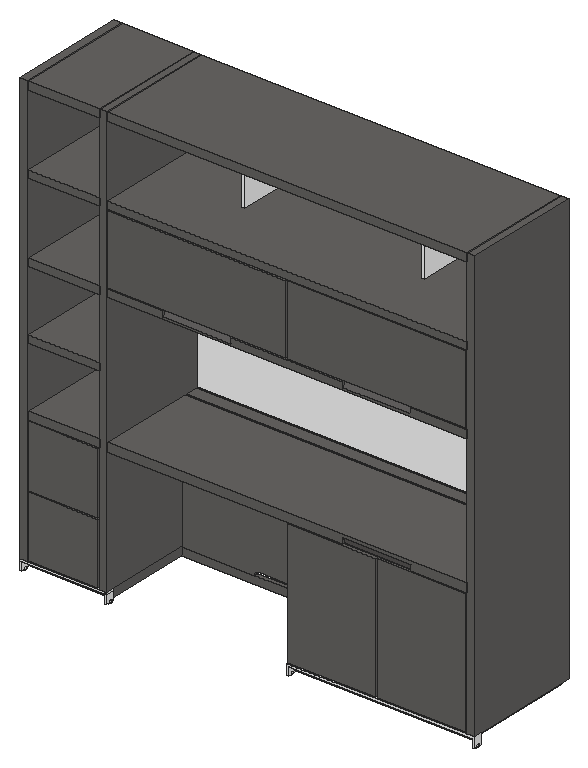
Revit family "Storage-Wall-Teknion-ZXLR_90_High_With_Lights-R2011", category Furniture Systems, Revit 2013
Parameters (values of type "(See Type Catalog)")
  Working Wall Finish [instance] = Glass - Teknion - K6 - White Backpainted
  Width = 92.642"
  Warranty = "http://www.teknionstudio.com/pdfs/Teknion%20Studio%20Warranty.pdf"
  Wall Unit Finish [instance] = Veneer - Teknion - P7 - Grey Oak
  Voltage = 120 V
  Unit Weight = 755.00 lbf
  URL = "www.teknionstudio.com"
  Tabletop Cutout Offset = if(Has Double Doors, 0", 4")  # 0"
  Storage Tower = Storage-Unit-Teknion-Tower : Upper Shelves & File/File Pedestal
  Series = "B&B Italia"
  Product Page URL = "http://www.teknionstudio.com/acexecutive/"
  Product Line = "AC Executive"
  Product Documentation Link = "http://www.teknionstudio.com/pricing/ac_executive_storage_walls_ppg.pdf"
  Power Factor = 1
  Part Number = "ZXLR"
  Number of Poles = 1
  Model = ""
  Manufacturer Phone = "919-464-2920"
  Manufacturer Fax = "919-464-2927"
  Manufacturer Email = "customersupport@teknionstudio.com"
  Manufacturer Address = "3940 US 70 Business HWY West, Clayton, NC 27520"
  Manufacturer = "Teknion Studio"  # constant formula
  Low Emitting Material = yes
  Low Emitting Finish = yes
  Height = 89 123/128"
  Has File File Drawers = not(Has Double Doors)  # no
  Has Double Doors = yes
  Description = ""
  Depth = 24"
  Assembly Code = "E2020200"
  Apparent Load = 22.8 VA
Reference planes (in)
  plane 1 "Center F/B": y = 0
  plane 2: z = 0
  plane 3 "Back": y = 12
  plane 4 "Front": y = -12
  plane 5 "Cabinets Top": z = 73.80469
  plane 6: x = 28.60446
  plane 7: z = 29.68402
  plane 8: z = 56.1289
  plane 9: x = -44.7815
  plane 10: z = 2.1289
  plane 11: x = -8.08858
  plane 12 "Foot Centerline": y = -11.2126
  plane 13 "Tabletop Cutout": y = -12
  plane 14 "Foot Centerline Front": y = -10.22835
  plane 15 "Foot Centerline Back": y = 10.22835
  plane 16: y = -8.484
  plane 17 "Left": x = -62.49817
  plane 18 "Right": x = 30.14383
  plane 19 "Center L/R": x = -16.17717
  plane 20 "Top": z = 89.96094
Forms (in)
  Sweep 1, solid, material "Veneer - Teknion - P7 - Grey Oak" <- "Wall Unit Finish"
    path origin (0, 0, 15.40683) x (-1, 0, 0) y (0, -1, 0)
      loop
        line (0, -12) -> (0, 12)
    profile origin (0, 0, 15.40683) x (1, 0, 0) y (0, 0, 1)
      loop
        line (30.14383, -13.27793) -> (30.14383, 74.55411) -> (28.60446, 74.55411) -> (28.60446, -13.27793) -> (30.14383, -13.27793)
  Sweep 2, solid, material "Metal - Teknion - C6 - Chrome"
    path origin (0, 0, 0) x (1, 0, 0) y (0, 0, 1)
      loop
        line (-8.08858, 0.05803) -> (-8.08858, 2.1289) -> (30.14383, 2.1289) -> (30.14383, 0.05803)
    profile origin (11.02763, 0, 2.1289) x (0, 0, 1) y (0, -1, 0)
      loop
        line (0, 12) -> (-0.394, 12) -> (-0.394, 10.4252) -> (0, 10.4252) -> (0, 12)
  Sweep 3, solid, material "Metal - Teknion - C6 - Chrome"
    path origin (0, 0, 0) x (1, 0, 0) y (0, 0, 1)
      loop
        line (-8.08858, 2.1289) -> (30.14383, 2.1289)
    profile origin (11.02763, 0, 2.1289) x (0, 0, 1) y (0, -1, 0)
      loop
        line (-0.394, 10.6222) -> (-1.5748, 10.6222) -> (-1.5748, 10.4252) -> (-0.394, 10.4252) -> (-0.394, 10.6222)
  Revolve 4, solid, material "Metal - Teknion - C6 - Chrome"
    sketch origin (0.39385, -11.2126, 0) x (0, 0, -1) y (1, 0, 0)
      loop
        line (-0.4911, -8.28543) -> (-0.4911, -8.62008) -> (-0.45173, -8.65945) -> (-0.28492, -8.65945) -> (-0.24555, -8.62008) -> (-0.20618, -8.65945) -> (-0.03937, -8.65945) -> (0, -8.62008) -> (0, -8.28543) -> (-0.4911, -8.28543)
      axis (0, -8.28543) -> (-0.4911, -8.28543)
    angle from 0 to 360
  Sweep 5, solid, material "Veneer - Teknion - P7 - Grey Oak" <- "Wall Unit Finish"
    path origin (0, 0, 0) x (1, 0, 0) y (0, 0, 1)
      loop
        line (-44.7815, 29.68402) -> (28.60446, 29.68402)
    profile origin (-8.08852, 0, 29.68402) x (0, 0, 1) y (0, -1, 0)
      loop
        line (0, 12) -> (-1.7638, 12) -> (-1.7638, -7.11393) -> (-5.30827, -7.11393) -> (-5.30827, -7.08268) -> (-27.55512, -7.08268) -> (-27.55512, -7.11393) -> (-29.0945, -7.11393) -> (-29.0945, -7.80668) -> (-5.30828, -7.80668) -> (-5.30828, -12) -> (44.12067, -12) -> (44.12067, 12) -> (42.58097, 12) -> (42.58097, 11.2126) -> (27.98392, 11.2126) -> (27.98392, 12) -> (26.44488, 12) -> (26.44488, -10.94094) -> (0, -10.94094) -> (0, -10.90969) -> (-0.72441, -10.90969) -> (-0.72441, -10.56693) -> (0, -10.56693) -> (0, -8.05709) -> (-0.72441, -8.05709) -> (-0.72441, -7.80709) -> (0, -7.80709) -> (0, 12)
      loop
        line (60.27692, -12) -> (60.27692, 12) -> (58.73755, 12) -> (58.73755, -12) -> (60.27692, -12)
  Sweep 6, solid, material "Veneer - Teknion - P7 - Grey Oak" <- "Wall Unit Finish"
    path origin (0, 0, 0) x (1, 0, 0) y (0, 0, 1)
      loop
        line (-8.08858, 29.68402) -> (28.60446, 29.68402)
    profile origin (10.25794, 0, 29.68402) x (0, 0, 1) y (0, -1, 0)
      loop
        line (-1.7638, 11.27559) -> (-27.55512, 11.27559) -> (-27.55512, 10.4252) -> (-29.0945, 10.4252) -> (-29.0945, -12) -> (-1.7638, -12) -> (-1.7638, 11.27559)
  Sweep 7, solid, material "Veneer - Teknion - P7 - Grey Oak" <- "Wall Unit Finish"
    path origin (0, 0, 15.40683) x (-1, 0, 0) y (0, -1, 0)
      loop
        line (16.17717, 12) -> (16.17717, 11.276)
    profile origin (-16.17717, -11.638, 15.40683) x (-1, 0, 0) y (0, 0, 1)
      loop
        line (28.35433, 42.50186) -> (28.35433, 56.60815) -> (-7.96358, 56.60815) -> (-7.96358, 42.50186) -> (28.35433, 42.50186)
      loop
        line (-8.21358, 56.60815) -> (-44.53163, 56.60815) -> (-44.53163, 42.50186) -> (-8.21358, 42.50186) -> (-8.21358, 56.60815)
  Sweep 8, solid, material "Veneer - Teknion - P7 - Grey Oak" <- "Wall Unit Finish", visible <- "Has Double Doors"
    path origin (0, 0, 15.40683) x (-1, 0, 0) y (0, -1, 0)
      loop
        line (16.17717, 12) -> (16.17717, 11.276)
    profile origin (-16.17717, -11.638, 15.40683) x (-1, 0, 0) y (0, 0, 1)
      loop
        line (-44.5315, 12.26339) -> (-44.5315, -13.03482) -> (-26.54031, -13.03482) -> (-26.54031, 12.26339) -> (-44.5315, 12.26339)
      loop
        line (-26.29031, 12.26339) -> (-26.29031, -13.03482) -> (-8.33858, -13.03482) -> (-8.33858, 12.26339) -> (-26.29031, 12.26339)
  Sweep 9, solid, material "Veneer - Teknion - P7 - Grey Oak" <- "Wall Unit Finish", visible <- "Has File File Drawers"
    path origin (0, 0, 15.40683) x (-1, 0, 0) y (0, -1, 0)
      loop
        line (16.17717, 12) -> (16.17717, 11.276)
    profile origin (-16.17717, -11.638, 15.40683) x (-1, 0, 0) y (0, 0, 1)
      loop
        line (-44.5315, 12.26339) -> (-44.5315, 0.01144) -> (-8.33858, 0.01144) -> (-8.33858, 12.26339) -> (-44.5315, 12.26339)
      loop
        line (-8.33858, -0.77597) -> (-44.5315, -0.77597) -> (-44.5315, -13.03482) -> (-8.33858, -13.03482) -> (-8.33858, -0.77597)
  Sweep 10, void
    path origin (0, 0, 0) x (1, 0, 0) y (0, 0, 1)
      loop
        line (3.34838, 29.68402) -> (17.12791, 29.68402)
    profile origin (10.23815, 0, 29.68402) x (0, 0, 1) y (0, -1, 0)
      loop
        line (-1.7638, 12) -> (-1.7638, 11.52756) -> (-0.66143, 12) -> (-1.7638, 12)
  Sweep 11, void
    path origin (0, 0, 0) x (1, 0, 0) y (0, 0, 1)
      loop
        line (-33.3248, 56.1289) -> (-19.54528, 56.1289)
    profile origin (-26.43504, 0, 56.1289) x (0, 0, 1) y (0, -1, 0)
      loop
        line (1.53937, 12) -> (0.43699, 12) -> (1.53937, 11.52755) -> (1.53937, 12)
  Sweep 12, void
    path origin (0, 0, 0) x (1, 0, 0) y (0, 0, 1)
      loop
        line (3.36811, 56.1289) -> (17.14764, 56.1289)
    profile origin (10.25787, 0, 56.1289) x (0, 0, 1) y (0, -1, 0)
      loop
        line (1.53937, 11.52755) -> (1.53937, 12) -> (0.43699, 12) -> (1.53937, 11.52755)
  Sweep 13, void
    path origin (0, 0, 15.40683) x (-1, 0, 0) y (0, -1, 0)
      loop
        line (0, -7.80668) -> (0, -7.08268)
    profile origin (0, 7.44468, 15.40683) x (1, 0, 0) y (0, 0, 1)
      loop
        line (-29.86024, 8.96892) -> (-29.86024, 8.10396)
        arc (-29.86024, 8.10396) -> (-29.62961, 7.54718) -> (-29.07283, 7.31655) r 0.7874
        line (-29.07283, 7.31655) -> (-23.75787, 7.31655)
        arc (-23.75787, 7.31655) -> (-23.2011, 7.54718) -> (-22.97047, 8.10396) r 0.7874
        line (-22.97047, 8.10396) -> (-22.97047, 8.96892) -> (-29.86024, 8.96892)
      loop
        line (-22.97047, -13.27793) -> (-22.97047, -13.12045)
        arc (-22.97047, -13.12045) -> (-23.18957, -12.59152) -> (-23.7185, -12.37242) r 0.74803
        line (-23.7185, -12.37242) -> (-29.1122, -12.37242)
        arc (-29.1122, -12.37242) -> (-29.64114, -12.59152) -> (-29.86024, -13.12045) r 0.74803
        line (-29.86024, -13.12045) -> (-29.86024, -13.27793) -> (-22.97047, -13.27793)
  Revolve 14, solid, material "Metal - Teknion - C6 - Chrome"
    sketch origin (38.23227, -11.2126, 0) x (0, 0, -1) y (1, 0, 0)
      loop
        line (-0.4911, -8.28543) -> (-0.4911, -8.62008) -> (-0.45173, -8.65945) -> (-0.28492, -8.65945) -> (-0.24555, -8.62008) -> (-0.20618, -8.65945) -> (-0.03937, -8.65945) -> (0, -8.62008) -> (0, -8.28543) -> (-0.4911, -8.28543)
      axis (0, -8.28543) -> (-0.4911, -8.28543)
    angle from 0 to 360
  Sweep 15, solid, material "Acrylic - Teknion - Clear"
    path origin (0.48659, 0, 36.8108) x (-1, 0, 0) y (0, -1, 0)
      loop
        line (16.66376, -11.25197) -> (16.66376, 0.16535)
    profile origin (-16.17717, 5.54331, 36.8108) x (1, 0, 0) y (0, 0, 1)
      loop
        line (-10.56841, 51.60058) -> (-10.56841, 36.99388) -> (-9.97392, 36.99388) -> (-9.97392, 51.60058) -> (-10.56841, 51.60058)
      loop
        line (26.15108, 51.60058) -> (26.15108, 36.99388) -> (26.74557, 36.99388) -> (26.74557, 51.60058) -> (26.15108, 51.60058)
Cuts and joins
  joined: Sweep 2, Sweep 3, Revolve 4
  Sweep 10, Sweep 11, Sweep 12, Sweep 13 cuts Sweep 5
Lines and regions (in)
  Masking region 1
    outline origin (0, 0, 15.40683) x (-1, 0, 0) y (0, -1, 0)
      loop
        line (44.7815, -12) -> (44.7815, 12) -> (-30.14383, 12) -> (-30.14383, -12) -> (44.7815, -12)
  symbolic lines, style "Elevation Swing"
    curve 1: line (-44.7815, -12, 57.66827) -> (-26.43504, -12, 72.01499)
    curve 2: line (-8.08858, -12, 57.66832) -> (-26.43504, -12, 72.01499)
    curve 3: line (-8.08858, 0, 57.66832) -> (10.25794, 0, 72.18658)
    curve 4: line (10.25794, 0, 72.18658) -> (28.60446, 0, 57.66827)
  symbolic lines, style "Elevation Swing", visible <- "Has Double Doors"
    curve 5: line (10.11315, 0, 27.67022) -> (-7.83858, 0, 15.02111)
    curve 6: line (-7.83858, 0, 15.02111) -> (10.11315, 0, 2.37201)
    curve 7: line (10.36315, 0, 2.37201) -> (28.35433, 0, 15.02456)
    curve 8: line (28.35433, 0, 15.02456) -> (10.36315, 0, 27.67022)
  symbolic lines, detail levels medium+fine
    curve 9: line (-8.08858, 12, 15.40683) -> (-8.08858, -12, 15.40683)
  symbolic lines, style "FurnitureSystemsHiddenLines", detail levels fine
    curve 10: line (28.60433, -11.276, 15.40683) -> (-8.08858, -11.276, 15.40683)
    curve 15: line (28.60433, 12, 15.40683) -> (28.60433, -12, 15.40683)
  symbolic lines, visible <- "Has Double Doors"
    curve 11: arc (10.25794, -12, 15.40683) -> (15.63147, -24.97286, 15.40683) -> (28.60433, -30.34639, 15.40683) r 18.34639
    curve 12: line (-8.08858, -12, 15.40683) -> (-8.08858, -30.34652, 15.40683)
    curve 13: line (28.60433, -12, 15.40683) -> (28.60433, -30.34639, 15.40683)
    curve 14: arc (-8.08858, -30.34652, 15.40683) -> (4.88437, -24.97295, 15.40683) -> (10.25794, -12, 15.40683) r 18.34652
Dimensions and locks (in)
  plane 17 "Left" to plane 18 "Right" = 92.642"
  equal spacing: plane 3 "Back", plane 1 "Center F/B", plane 4 "Front"
  "Depth": plane 3 "Back" to plane 4 "Front"
  "Height": plane 20 "Top" to plane 2
  locked: plane 7 to plane 2 at 29.68402
  locked: plane 8 to plane 7 at 26.44488
  locked: plane 10 to plane 2 at 2.1289
  locked: Sweep 2 sketch curve to plane 2 at 0.05803  (x2)
  locked: plane 10 to Sweep 3 sketch curve at 0.394
  locked: Sweep 3 sketch curve to Sweep 3 sketch curve at 1.1808
  plane 4 "Front" to Sweep 3 sketch curve to Sweep 3 sketch curve = 1.3778" locked, 0.197" locked
  locked: Revolve 4 sketch curve to plane 2 at 0.4911
  plane 11 to Revolve 4 sketch curve = 0.17702"  (x2)
  Revolve 4 sketch curve to Revolve 4 sketch curve to Revolve 4 sketch curve to Revolve 4 sketch curve to Revolve 4 sketch curve to plane 2 = 0.16681" locked, 0.03937" locked, 0.03937" locked, 0.16681" locked, 0.03937" locked
  Revolve 4 sketch curve to plane 11 = 0.197"
  locked: plane 4 "Front" to plane 12 "Foot Centerline" at 0.7874
  locked: plane 10 to Sweep 5 sketch curve at 1.53939
  locked: plane 7 to Sweep 5 sketch curve at 1.7638
  Sweep 6 sketch curve to Sweep 6 sketch curve to plane 3 "Back" = 23.27559", 0"
  locked: plane 7 to Sweep 6 sketch curve at 1.7638
  locked: plane 4 "Front" to Sweep 6 sketch curve at 1.5748
  locked: plane 4 "Front" to Sweep 7 sketch curve at 0.724
  plane 5 "Cabinets Top" to Sweep 7 sketch curve to Sweep 7 sketch curve = 1.7897" locked, 14.1063" locked  (x2)
  Sweep 7 sketch curve to Sweep 7 sketch curve to Sweep 7 sketch curve to Sweep 7 sketch curve = 36.31805", 1/4", 36.31791"
  locked: plane 4 "Front" to Sweep 8 sketch curve at 0.724
  locked: plane 4 "Front" to Sweep 9 sketch curve at 0.724
  locked: Sweep 10 sketch curve to Sweep 10 sketch curve at 13.77953
  locked: plane 7 to Sweep 10 sketch curve at 1.7638
  locked: plane 13 "Tabletop Cutout" to Sweep 10 sketch curve at 0.47244
  "Tabletop Cutout Offset": plane 13 "Tabletop Cutout" to plane 4 "Front"
  locked: Sweep 11 sketch curve to Sweep 11 sketch curve at 13.77953
  locked: Sweep 11 sketch curve to plane 8 at 1.53937
  locked: Sweep 11 sketch curve to plane 8 at 0.43699
  locked: plane 4 "Front" to Sweep 11 sketch curve at 0.47245
  Sweep 12 sketch curve to Sweep 12 sketch curve to plane 8 = 1.10238" locked, 0.43699" locked
  locked: plane 4 "Front" to Sweep 12 sketch curve at 0.47245
  plane 3 "Back" to Sweep 13 sketch curve to Sweep 13 sketch curve = 4.19332" locked, 0.724" locked
  equal spacing: plane 11, curve 2, plane 9
  equal spacing: plane 6, curve 4, plane 11
  locked: plane 4 "Front" to curve 10 at 0.724
  locked: plane 3 "Back" to plane 15 "Foot Centerline Back" at 1.77165
  locked: plane 4 "Front" to plane 14 "Foot Centerline Front" at 1.77165
  locked: plane 4 "Front" to plane 16 at 3.516
  locked: plane 17 "Left" to plane 9 at 17.71667
  locked: Sweep 8 sketch curve to Sweep 8 sketch curve at 25.29821  (x2)
  Sweep 8 sketch curve to Sweep 8 sketch curve to Sweep 8 sketch curve to Sweep 8 sketch curve = 17.95173" locked, 1/4" locked, 17.99118" locked
  Sweep 9 sketch curve to Sweep 9 sketch curve to Sweep 9 sketch curve to Sweep 9 sketch curve = 12.25195" locked, 0.7874" locked, 12.25886" locked
  locked: Sweep 9 sketch curve to Sweep 9 sketch curve at 36.19291  (x2)
  equal spacing: curve 12, curve 14, plane 6
  locked: Sweep 13 sketch curve to Sweep 13 sketch curve at 6.88976  (x2)
  locked: Sweep 13 sketch curve to Sweep 13 sketch curve at 1.65236
  locked: Sweep 1 sketch curve to plane 6 at 1.53937
  locked: plane 6 to Sweep 2 sketch curve at 1.53937
  locked: Sweep 3 sketch curve to plane 6 at 1.53937
  Revolve 14 sketch curve to Revolve 14 sketch curve to Revolve 14 sketch curve to Revolve 14 sketch curve to Revolve 14 sketch curve = 0.16681" locked, 0.03937" locked, 0.03937" locked, 0.16681" locked
  locked: plane 6 to Sweep 10 sketch curve at 11.47655
  locked: plane 11 to Sweep 11 sketch curve at 11.45669
  Sweep 12 sketch curve to Sweep 12 sketch curve to plane 11 = 13.77953" locked, 11.45669" locked
  locked: Sweep 13 sketch curve to plane 11 at 14.88189
  locked: plane 11 to Sweep 13 sketch curve at 14.88189
  locked: plane 11 to Sweep 9 sketch curve at 0.25
  locked: Sweep 9 sketch curve to plane 11 at 0.25
  locked: plane 7 to Sweep 9 sketch curve at 2.0138
  locked: Sweep 8 sketch curve to plane 11 at 0.25
  locked: plane 7 to Sweep 8 sketch curve at 2.0138  (x2)
  locked: plane 6 to plane 18 "Right" at 1.53937
  equal spacing: plane 17 "Left", plane 19 "Center L/R", plane 18 "Right"
  locked: plane 19 "Center L/R" to plane 11 at 8.08858
  locked: Sweep 7 sketch curve to plane 6 at 0.25
  locked: plane 18 "Right" to Revolve 14 sketch curve at 0.197
  locked: Revolve 4 sketch curve to plane 11 at 0.197
  plane 20 "Top" to plane 5 "Cabinets Top" = 16 5/32"
  locked: Sweep 15 sketch curve to Sweep 15 sketch curve at 11.41732
  locked: Sweep 15 sketch curve to Sweep 15 sketch curve at 0.59449  (x2)
  locked: plane 3 "Back" to Sweep 15 sketch curve at 0.74803
  locked: Sweep 15 sketch curve to plane 11 at 18.0625
  locked: Sweep 15 sketch curve to plane 5 "Cabinets Top" at 14.60669  (x2)
  locked: plane 20 "Top" to Sweep 5 sketch curve at 1.53937
  locked: plane 5 "Cabinets Top" to Sweep 5 sketch curve at 1.5397
  locked: Sweep 5 sketch curve to plane 8 at 1.53904
  equal spacing: Sweep 15 sketch curve, plane 11, Sweep 15 sketch curve
  aligned and locked: level to plane 2
  aligned and locked: plane 3 "Back" to Sweep 1 sketch curve
  aligned and locked: plane 4 "Front" to Sweep 1 sketch curve
  aligned and locked: Sweep 2 sketch curve to plane 10  (x2)
  aligned and locked: Sweep 2 sketch curve to plane 4 "Front"
  aligned and locked: Sweep 3 sketch curve to plane 10
  aligned and locked: plane 2 to Revolve 4 sketch curve
  aligned and locked: Revolve 4 sketch curve to plane 2
  aligned and locked: plane 9 to Sweep 5 sketch curve
  aligned and locked: plane 6 to Sweep 5 sketch curve
  aligned and locked: Sweep 5 sketch curve to plane 7  (x4)
  aligned and locked: Sweep 5 sketch curve to plane 4 "Front"  (x2)
  aligned and locked: plane 3 "Back" to Sweep 5 sketch curve  (x2)
  aligned and locked: Sweep 6 sketch curve to plane 7
  aligned and locked: plane 10 to Sweep 6 sketch curve
  aligned and locked: plane 4 "Front" to Sweep 7 sketch curve
  aligned and locked: Sweep 5 sketch curve to plane 8
  aligned and locked: plane 4 "Front" to Sweep 8 sketch curve
  aligned and locked: plane 4 "Front" to Sweep 9 sketch curve
  aligned and locked: Sweep 10 sketch curve to plane 7
  aligned and locked: plane 13 "Tabletop Cutout" to Sweep 10 sketch curve
  aligned and locked: Sweep 11 sketch curve to plane 8
  aligned and locked: Sweep 12 sketch curve to plane 8
  aligned and locked: Sweep 12 sketch curve to plane 4 "Front"
  aligned and locked: plane 9 to curve 1
  aligned and locked: plane 11 to curve 2
  aligned and locked: Sweep 7 to curve 2
  aligned and locked: plane 6 to curve 4
  aligned and locked: Masking region 1 sketch curve to plane 3 "Back"
  aligned and locked: Masking region 1 sketch curve to plane 4 "Front"
  aligned and locked: plane 3 "Back" to curve 9
  aligned and locked: plane 4 "Front" to curve 9
  aligned and locked: plane 3 "Back" to curve 15
  aligned and locked: plane 4 "Front" to curve 15
  aligned and locked: plane 4 "Front" to Sweep 11 sketch curve
  aligned and locked: Sweep 5 sketch curve to plane 5 "Cabinets Top"
  aligned and locked: plane 12 "Foot Centerline" to Sweep 5 sketch curve
  aligned and locked: plane 4 "Front" to Sweep 5 sketch curve  (x2)
  aligned and locked: plane 4 "Front" to curve 14
  aligned: plane 8 to nested 1
  aligned: plane 11 to nested 1
  aligned and locked: nested 1 to plane 16
  aligned and locked: plane 8 to nested 1
  aligned and locked: plane 11 to nested 1
  aligned and locked: Sweep 2 sketch curve to plane 11
  aligned and locked: plane 11 to Sweep 3 sketch curve
  aligned and locked: Sweep 1 sketch curve to plane 6
  aligned and locked: Sweep 1 sketch curve to plane 10
  aligned and locked: plane 10 to Sweep 13 sketch curve
  aligned and locked: Masking region 1 sketch curve to plane 18 "Right"
  aligned and locked: plane 9 to Masking region 1 sketch curve
  aligned and locked: Sweep 8 sketch curve to plane 19 "Center L/R"
  aligned and locked: plane 1 "Center F/B" to Sweep 6 sketch curve
  aligned and locked: plane 11 to Sweep 6 sketch curve
  aligned and locked: plane 6 to Sweep 6 sketch curve
  aligned and locked: Sweep 9 sketch curve to plane 19 "Center L/R"
  aligned and locked: Sweep 7 sketch curve to plane 19 "Center L/R"
  aligned and locked: nested 2 to plane 2
  aligned and locked: Sweep 8 to curve 7
  aligned and locked: curve 6 to Sweep 8
  aligned and locked: curve 8 to Sweep 8
  aligned and locked: Sweep 8 to curve 5
  aligned and locked: Sweep 8 to Sweep 8
  aligned and locked: Sweep 8 to curve 6
  aligned and locked: curve 7 to Sweep 8
  aligned and locked: Sweep 8 to curve 8
  aligned and locked: Revolve 14 sketch curve to Revolve 14 sketch curve  (x2)
  aligned and locked: Revolve 14 sketch curve to plane 2
  aligned and locked: Revolve 4 sketch curve to Revolve 4 sketch curve
  aligned and locked: plane 9 to nested 2
  aligned and locked: nested 2 to plane 1 "Center F/B"
  aligned and locked: plane 19 "Center L/R" to Sweep 15 sketch curve
  aligned and locked: plane 5 "Cabinets Top" to Sweep 15 sketch curve  (x2)
  aligned and locked: Sweep 5 sketch curve to plane 20 "Top"
  aligned and locked: plane 20 "Top" to Sweep 1 sketch curve
Automatic sketch dimensions
  curve 9 to plane 11 = 0"
  curve 11 to plane 6 = 0.00013"
  curve 11 to curve 14 = 0"
  plane 8 to curve 2 = 1.53942"
  plane 8 to curve 1 = 1.53937"
  profile plane to Sweep 2 sketch curve = 0.394"
  Sweep 2 sketch curve to Sweep 2 sketch curve = 1.5748"
  Sweep 6 sketch curve to plane 11 = 0"
  Sweep 6 sketch curve to plane 6 = 0"
  Sweep 6 sketch curve to Sweep 6 sketch curve = 1.53939"
  profile plane to Sweep 10 sketch curve = 0.66143"
  profile plane to Sweep 13 sketch curve = 8.96892"
  Sweep 13 sketch curve to Sweep 13 sketch curve = 0.74803"  (x2)
  Sweep 13 sketch curve to Sweep 13 sketch curve = 0.7874"  (x2)
  Sweep 13 sketch curve to Sweep 13 sketch curve = 0.15748"
  plane 11 to Sweep 1 sketch curve = 8.08858"
  plane 11 to Sweep 13 sketch curve = 8.08858"
  curve 3 to plane 11 = 0"
  curve 8 to plane 6 = 0.25013"
  curve 8 to curve 5 = 0"
  plane 10 to curve 8 = 12.89566"
  plane 10 to curve 6 = 12.89222"
  plane 10 to curve 6 = 0.24311"
  plane 8 to curve 4 = 1.53937"
  plane 8 to curve 3 = 1.53942"
  curve 3 to plane 5 "Cabinets Top" = 1.61811"
  level to Revolve 14 sketch curve = 0.03937"
  Revolve 14 sketch curve to Revolve 14 sketch curve = 0.03937"  (x2)
  Revolve 14 sketch curve to Revolve 14 sketch curve = 0.7589"
  Revolve 14 sketch curve to level = 1"
  Revolve 14 sketch curve to plane 18 "Right" = 0.53165"
  Revolve 14 sketch curve to Revolve 14 sketch curve = 0"  (x2)
  Revolve 4 sketch curve to Revolve 4 sketch curve = 0.4777"
  Revolve 4 sketch curve to Revolve 4 sketch curve = 0.03937"  (x2)
  Sweep 5 sketch curve to Sweep 5 sketch curve = 1.53939"
  Sweep 5 sketch curve to Sweep 5 sketch curve = 3.54449"
  Sweep 5 sketch curve to Sweep 5 sketch curve = 0"
  profile plane to Sweep 5 sketch curve = 0.72441"  (x2)
  Sweep 5 sketch curve to plane 1 "Center F/B" = 10.94094"
  Sweep 5 sketch curve to Sweep 5 sketch curve = 1/32"  (x2)
  Sweep 5 sketch curve to Sweep 5 sketch curve = 0.34277"
  Sweep 5 sketch curve to Sweep 5 sketch curve = 2.50984"
  Sweep 5 sketch curve to Sweep 5 sketch curve = 1/4"
  Sweep 5 sketch curve to Sweep 5 sketch curve = 4.19332"
  Sweep 5 sketch curve to Sweep 5 sketch curve = 0.69316"
  Sweep 5 sketch curve to Sweep 5 sketch curve = 0.69275"
Nested families (in)
  nested 1: "Lighting-Teknion-Storage_Wall" at (-8.08858, 0.12401, 56.1289), type "Lighting-Teknion-Storage_Wall"
  nested 2: "Storage-Unit-Teknion-Tower" at (-53.63976, 0, 0) x (-1, 0, 0) z (0, 0, 1), type <- "Storage Tower", Height <- "Height", type "Upper Shelves & File/File Pedestal"
    with Height 89 123/128", Has Top Shelf yes, Bottom Drawer Height 13.047"
Connectors (in)
  electrical at (-8.08852, 12, 49.09021), driven by "Number of Poles", driven by "Voltage", driven by "Apparent Load", driven by "Power Factor"
    settings: on cut or joined group of Sweep 5, Sweep 10, Sweep 11, Sweep 12, Sweep 13, index 1, voltage 120 V, apparent load 0 VA, apparent load phase1 22.8 VA, apparent load phase2 0 VA, apparent load phase3 0 VA, power factor 1, load classification "Other", number of poles 1, system type 31, power factor state 1, is connector primary yes, connector utility no, sub classification motor no, connector description "Electrical Connector"
Definition of nested family "Lighting-Teknion-Storage_Wall"
  Parameters (values of type "Lighting-Teknion-Storage_Wall")
    Wattage = 4.03926 W
    built-in parameter 1150110 = 1 (stored number, unit not read)
    built-in parameter 1114217 = 1 (stored number, unit not read)
    built-in parameter 1150109 = 1 (stored number, unit not read)
    built-in parameter 1150134 = 1
    built-in parameter 1150113 = 1 (stored number, unit not read)
    Offset From Reference Level = 0"
    Lumens = 600 lm
    built-in parameter 1150115 = 1 (stored number, unit not read)
    built-in parameter 1150105 = 190.99 (stored number, unit not read)
    Light Source Symbol Size = 3"
    built-in parameter 1150137 = (empty or 0)
    built-in parameter 1150139 = (empty or 0)
    built-in parameter 1150112 = 1 (stored number, unit not read)
    built-in parameter 1150114 = 1 (stored number, unit not read)
    built-in parameter 1150132 = 2
    built-in parameter 1150102 = (empty or 0)
    built-in parameter 1150138 = (empty or 0)
    built-in parameter 1150107 = 6500 (stored number, unit not read)
    built-in parameter 1150106 = 1.9099 (stored number, unit not read)
    Emit from Line Length = 68"
    built-in parameter 1150104 = 13.8 (stored number, unit not read)
    Dimming Lamp Color Temperature Shift = 1
    Default Elevation = 48"
    Color Filter = 16776172
    built-in parameter 1114218 = 1 (stored number, unit not read)
    built-in parameter 1150133 = 10 (stored number, unit not read)
    Assembly Code = ""
  Reference planes (in)
    plane 1 "Light Source Axis (F/B)": y = -8.60801
    plane 2: z = 0
    plane 3 "Light Source Axis (L/R)": x = 0
    plane 4 "Light Source Elevation": z = 0
    plane 5: z = 0
    plane 6: x = -36.6875
    plane 7: x = 36.6875
  Forms (in)
    Sweep 1, solid, material "Glass - Teknion - CL - Clear"
      path origin (0, 0, 0) x (1, 0, 0) y (0, 1, 0)
        loop
          line (-36.6875, -8.60801) -> (36.6875, -8.60801)
      profile origin (0, -8.60801, 0) x (0, 1, 0) y (0, 0, 1)
        loop
          line (-0.51562, 0) -> (-0.51562, -0.40625) -> (0.51563, -0.40625) -> (0.51563, 0) -> (-0.51562, 0)
  Dimensions and locks (in)
    equal spacing: plane 7, plane 3 "Light Source Axis (L/R)", plane 6
    locked: plane 7 to plane 6 at 73.375
    locked: plane 5 to Sweep 1 sketch curve at 0.40625
    equal spacing: Sweep 1 sketch curve, plane 1 "Light Source Axis (F/B)", Sweep 1 sketch curve
    locked: Sweep 1 sketch curve to Sweep 1 sketch curve at 1.03125
    aligned and locked: plane 3 "Light Source Axis (L/R)" to imposter light
    aligned and locked: plane 1 "Light Source Axis (F/B)" to imposter light
    aligned and locked: plane 4 "Light Source Elevation" to imposter light
    aligned and locked: level to plane 5
    aligned and locked: plane 5 to plane 2
    aligned and locked: plane 6 to Sweep 1 sketch curve
    aligned and locked: plane 7 to Sweep 1 sketch curve
    aligned and locked: plane 1 "Light Source Axis (F/B)" to Sweep 1 sketch curve
    aligned and locked: Sweep 1 sketch curve to profile plane
Definition of nested family "Storage-Unit-Teknion-Tower"
  Parameters (values of type "Upper Wardrobe & Lower Door")
    Width = 17.71654"
    Warranty = "http://www.teknionstudio.com/pdfs/Teknion%20Studio%20Warranty.pdf"
    Wall Unit Finish = Veneer - Teknion - P8 - Light Brushed Oak
    URL = "www.teknionstudio.com"
    Series = "B&B Italia"
    Product Line = "AC Executive"
    Model = ""
    Middle Drawer Height = if(Has Top Drawer, 6.425", 12.719")  # 12.719"
    Manufacturer Phone = "919-464-2920"
    Manufacturer Fax = "919-464-2927"
    Manufacturer Email = "customersupport@teknionstudio.com"
    Manufacturer Address = "3940 US 70 Business HWY West, Clayton, NC 27520"
    Manufacturer = "Teknion Studio"  # constant formula
    Height [instance] = 73.81394"
    Has Top Shelf [instance] = and(Height > 75", Has Shelves)  # no
    Has Top Drawer = no
    Has Top Door = yes
    Has Shelves = no
    Has Right Leg = yes
    Has Middle Drawer = no
    Has Lower Shelf = yes
    Has Left Leg = yes
    Has Full Wardrobe Door = no
    Has Doors = yes
    Door Projection Symbol = yes
    Description = "Tower Storage Unit"
    Depth = 24"
    Bottom Drawer Height [instance] = if(Has Middle Drawer, 13.047", if(Has Top Drawer, 13.047", if(Has Full Wardrobe Door, (Height - 3.668"), 26.016")))  # 26.016"
    Assembly Code = "E2010200"
  Types (7): name | Wall Unit Finish | Series | Product Line | Middle Drawer Height | Has Top Drawer | Has Top Door | Has Shelves | Has Middle Drawer | Has Lower Shelf | Has Full Wardrobe Door | Has Doors | Door Projection Symbol | Bottom Drawer Height
    Upper Shelves & Lower Door | none | "AC Executive" | "" | 12.719" | no | no | yes | no | yes | no | yes | yes | 26.016"
    Upper Shelves & File/File Pedestal | none | "AC Executive" | "" | 12.719" | no | no | yes | yes | yes | no | no | no | 13.047"
    Upper Shelves & Box/Box/File Pedestal | Veneer - Teknion - P8 - Light Brushed Oak | "AC Executive" | "" | 6.425" | yes | no | yes | yes | yes | yes | no | no | 13.047"
    Full Wardrobe | none | "AC Executive" | "" | 12.719" | no | no | no | no | no | yes | yes | yes | 70.14594"
    Upper Wardrobe & Lower Door | Veneer - Teknion - P8 - Light Brushed Oak | "B&B Italia" | "AC Executive" | 12.719" | no | yes | no | no | yes | no | yes | yes | 26.016"
    Upper Wardrobe & File/File Pedestal | none | "AC Executive" | "" | 12.719" | no | yes | no | yes | yes | no | no | yes | 13.047"
    Upper Wardrobe & Box/Box/File Pedestal | none | "AC Executive" | "" | 6.425" | yes | yes | no | yes | yes | no | no | yes | 13.047"
  Reference planes (in)
    plane 1 "Center F/B": y = 0
    plane 2: z = 0
    plane 3 "Center L/R": x = 0
    plane 4 "Left": x = -8.85827
    plane 5 "Right": x = 8.85827
    plane 6 "Back": y = 12
    plane 7 "Front": y = -12
    plane 8 "Top": z = 73.81394
    plane 9: x = -7.3189
    plane 10: x = 7.3189
    plane 11: z = 2.1289
    plane 12 "Foot Centerline": y = -11.2126
    plane 13: z = 29.68402
    plane 14 "Drawer 1 Top": z = 28.1449
    plane 15 "Drawer 2 Top": z = 40.8639
    plane 16 "Drawer 3 Top": z = 27.89502
    plane 17: z = 42.13677
  Forms (in)
    Sweep 1, solid, material "Metal - Teknion - C6 - Chrome", visible <- "Has Left Leg"
      path origin (0, -12, 0) x (1, 0, 0) y (0, 0, 1)
        loop
          line (-8.85827, 1.7349) -> (-8.85827, 0.05803)
      profile origin (-8.85827, -12, 0.89646) x (0, -1, 0) y (1, 0, 0)
        loop
          line (-1.5748, 0) -> (0, 0) -> (0, 0.394) -> (-1.5748, 0.394) -> (-1.5748, 0)
    Sweep 2, solid, material "Metal - Teknion - C6 - Chrome"
      path origin (0, -12, 0) x (1, 0, 0) y (0, 0, 1)
        loop
          line (-8.46427, 2.1289) -> (8.46427, 2.1289)
      profile origin (0, -12, 2.1289) x (0, 0, 1) y (0, -1, 0)
        loop
          line (-0.394, -1.5748) -> (-0.394, -1.3778) -> (-1.575, -1.3778) -> (-1.575, -1.5748) -> (-0.394, -1.5748)
    Revolve 3, solid, material "Metal - Teknion - C6 - Chrome"
      sketch origin (0, -11.2126, 0) x (0, 0, -1) y (1, 0, 0)
        loop
          line (-0.4911, 8.32677) -> (-0.45173, 8.2874) -> (-0.28492, 8.2874) -> (-0.24555, 8.32677) -> (-0.20618, 8.2874) -> (-0.03937, 8.2874) -> (0, 8.32677) -> (0, 8.66142) -> (-0.4911, 8.66142) -> (-0.4911, 8.32677)
        axis (0, 8.66142) -> (-0.4911, 8.66142)
      angle from 0 to 360
    Revolve 4, solid, material "Metal - Teknion - C6 - Chrome", visible <- "Has Left Leg"
      sketch origin (0, -11.2126, 0) x (0, 0, -1) y (1, 0, 0)
        loop
          line (0, -8.99606) -> (0, -8.66142) -> (-0.4911, -8.66142) -> (-0.4911, -8.99606) -> (-0.45173, -9.03543) -> (-0.28492, -9.03543) -> (-0.24555, -8.99606) -> (-0.20618, -9.03543) -> (-0.03937, -9.03543) -> (0, -8.99606)
        axis (0, -8.66142) -> (-0.4911, -8.66142)
      angle from 0 to 360
    Sweep 5, solid, material "Veneer - Teknion - P8 - Light Brushed Oak" <- "Wall Unit Finish"
      path origin (0, 0, 0) x (1, 0, 0) y (0, 0, 1)
        loop
          line (0, 2.1289) -> (0, 73.81394)
      profile origin (0, 0, 37.97142) x (-1, 0, 0) y (0, -1, 0)
        loop
          line (8.85827, -12) -> (8.85827, 12) -> (7.3189, 12) -> (7.3189, -12) -> (8.85827, -12)
        loop
          line (-7.3189, 12) -> (-8.85827, 12) -> (-8.85827, -12) -> (-7.3189, -12) -> (-7.3189, 12)
    Sweep 6, solid, material "Veneer - Teknion - P8 - Light Brushed Oak" <- "Wall Unit Finish"
      path origin (0, 0, 15.40683) x (-1, 0, 0) y (0, -1, 0)
        loop
          line (0, -12) -> (0, 12)
      profile origin (0, 0, 15.40683) x (1, 0, 0) y (0, 0, 1)
        loop
          line (-7.3189, 58.4071) -> (-7.3189, 56.86773) -> (7.3189, 56.86773) -> (7.3189, 58.4071) -> (-7.3189, 58.4071)
    Sweep 7, solid, material "Veneer - Teknion - P8 - Light Brushed Oak" <- "Wall Unit Finish"
      path origin (0, -12, 0) x (1, 0, 0) y (0, 0, 1)
        loop
          line (0, 2.1289) -> (0, 72.27457)
      profile origin (0, -12, 37.20173) x (-1, 0, 0) y (0, -1, 0)
        loop
          line (7.3189, -24) -> (7.3189, -23.25) -> (-7.3189, -23.25) -> (-7.3189, -24) -> (7.3189, -24)
    Sweep 8, solid, material "Veneer - Teknion - P8 - Light Brushed Oak" <- "Wall Unit Finish", visible <- "Has Lower Shelf"
      path origin (0, -12, 0) x (1, 0, 0) y (0, 0, 1)
        loop
          line (-7.3189, 29.68402) -> (7.3189, 29.68402)
      profile origin (0, -12, 29.68402) x (0, 0, 1) y (0, -1, 0)
        loop
          line (0, 0) -> (-1.539, 0) -> (-1.539, -0.724) -> (-27.55512, -0.724) -> (-27.55512, -23.25) -> (0, -23.25) -> (0, 0)
    Sweep 9, solid, material "Veneer - Teknion - P8 - Light Brushed Oak" <- "Wall Unit Finish"
      path origin (0, -12, 0) x (1, 0, 0) y (0, 0, 1)
        loop
          line (0, 2.3789) -> (0, 27.8949)
      profile origin (0, -12, 15.1369) x (-1, 0, 0) y (0, -1, 0)
        loop
          line (7.0689, -0.724) -> (7.0689, 0) -> (-7.0689, 0) -> (-7.0689, -0.724) -> (7.0689, -0.724)
    Sweep 10, solid, material "Veneer - Teknion - P8 - Light Brushed Oak" <- "Wall Unit Finish", visible <- "Has Middle Drawer"
      path origin (0, -12, 0) x (1, 0, 0) y (0, 0, 1)
        loop
          line (0, 28.1449) -> (0, 40.8639)
      profile origin (0, -12, 34.5044) x (-1, 0, 0) y (0, -1, 0)
        loop
          line (7.0689, -0.724) -> (7.0689, 0) -> (-7.0689, 0) -> (-7.0689, -0.724) -> (7.0689, -0.724)
    Sweep 11, solid, material "Veneer - Teknion - P8 - Light Brushed Oak" <- "Wall Unit Finish", visible <- "Has Top Drawer"
      path origin (0, -12, 0) x (1, 0, 0) y (0, 0, 1)
        loop
          line (0, 47.15802) -> (0, 41.1139)
      profile origin (0, -12, 44.13596) x (0, -1, 0) y (1, 0, 0)
        loop
          line (0, 7.0689) -> (-0.724, 7.0689) -> (-0.724, -7.0689) -> (0, -7.0689) -> (0, 7.0689)
    Sweep 12, solid, material "Veneer - Teknion - P8 - Light Brushed Oak" <- "Wall Unit Finish", visible <- "Has Shelves"
      path origin (0, -12, 0) x (1, 0, 0) y (0, 0, 1)
        loop
          line (0, 42.13677) -> (0, 43.67614)
      profile origin (0, -12, 42.90646) x (-1, 0, 0) y (0, -1, 0)
        loop
          line (7.3189, -23.25) -> (7.3189, 0) -> (-7.3189, 0) -> (-7.3189, -23.25) -> (7.3189, -23.25)
    Sweep 13, solid, material "Veneer - Teknion - P8 - Light Brushed Oak" <- "Wall Unit Finish", visible <- "Has Shelves"
      path origin (0, -12, 13.9918) x (1, 0, 0) y (0, 0, 1)
        loop
          line (0, 42.13677) -> (0, 43.67614)
      profile origin (0, -12, 56.89825) x (-1, 0, 0) y (0, -1, 0)
        loop
          line (7.3189, -23.25) -> (7.3189, 0) -> (-7.3189, 0) -> (-7.3189, -23.25) -> (7.3189, -23.25)
    Sweep 14, solid, material "Veneer - Teknion - P8 - Light Brushed Oak" <- "Wall Unit Finish", visible <- "Has Top Door"
      path origin (0, -12, 0) x (1, 0, 0) y (0, 0, 1)
        loop
          line (0, 29.93402) -> (0, 72.02457)
      profile origin (0, -12, 50.97929) x (-1, 0, 0) y (0, -1, 0)
        loop
          line (7.0689, -0.724) -> (7.0689, 0) -> (-7.0689, 0) -> (-7.0689, -0.724) -> (7.0689, -0.724)
    Sweep 15, solid, material "Veneer - Teknion - P8 - Light Brushed Oak" <- "Wall Unit Finish"
      path origin (0, -12, 0) x (1, 0, 0) y (0, 0, 1)
        loop
          line (-8.85827, 2.1289) -> (8.85827, 2.1289)
      profile origin (0, -12, 2.1289) x (0, 0, 1) y (0, -1, 0)
        loop
          line (0, -1.5748) -> (-1.53937, -1.5748) -> (-1.53937, -24) -> (0, -24) -> (0, -1.5748)
    Sweep 16, solid, material "Veneer - Teknion - P8 - Light Brushed Oak" <- "Wall Unit Finish", visible <- "Has Top Shelf"
      path origin (0, 0, 0) x (1, 0, 0) y (0, 0, 1)
        loop
          line (0, 73.81394) -> (0, 72.27457)
      profile origin (0, 0, 73.04425) x (0, -1, 0) y (1, 0, 0)
        loop
          line (-11.25, -7.3189) -> (12, -7.3189) -> (12, 7.3189) -> (-11.25, 7.3189) -> (-11.25, -7.3189)
    Sweep 17, solid, material "Metal - Teknion - C6 - Chrome"
      path origin (0, 0, 0) x (1, 0, 0) y (0, 0, 1)
        loop
          line (-8.85827, 2.1289) -> (8.85827, 2.1289)
      profile origin (0, 0, 2.1289) x (0, 0, 1) y (0, -1, 0)
        loop
          line (0, 10.4252) -> (0, 12) -> (-0.394, 12) -> (-0.394, 10.4252) -> (0, 10.4252)
    Sweep 18, solid, material "Metal - Teknion - C6 - Chrome"
      path origin (0, 0, 0) x (1, 0, 0) y (0, 0, 1)
        loop
          line (8.85827, 1.7349) -> (8.85827, 0.05803)
      profile origin (8.85827, 0, 0.89646) x (0, -1, 0) y (1, 0, 0)
        loop
          line (10.4252, -0.394) -> (12, -0.394) -> (12, 0) -> (10.4252, 0) -> (10.4252, -0.394)
  Lines and regions (in)
    Masking region 1
      outline origin (0, 0, 15.40683) x (-1, 0, 0) y (0, -1, 0)
        loop
          line (8.85827, -12) -> (8.85827, 12) -> (-8.85827, 12) -> (-8.85827, -12) -> (8.85827, -12)
    symbolic lines, style "FurnitureSystems", detail levels medium+fine
      curve 1: line (-7.3189, 12, 15.40683) -> (-7.3189, -12, 15.40683)
      curve 2: line (7.3189, 12, 15.40683) -> (7.3189, -12, 15.40683)
    symbolic lines, style "FurnitureSystemsHiddenLines", detail levels fine
      curve 3: line (-7.3189, -11.276, 15.40683) -> (7.3189, -11.276, 15.40683)
    symbolic lines, style "Elevation Swing", visible <- "Has Doors"
      curve 4: line (-7.3189, -12, 2.1289) -> (7.3189, -12, 15.1369)
      curve 5: line (7.3189, -12, 15.1369) -> (-7.3189, -12, 28.1449)
    symbolic lines, style "Elevation Swing", visible <- "Has Top Door"
      curve 6: line (-7.3189, -12, 29.68402) -> (7.3189, -12, 50.97929)
      curve 7: line (7.3189, -12, 50.97929) -> (-7.3189, -12, 72.27457)
    symbolic lines, style "FurnitureSystems", visible <- "Door Projection Symbol"
      curve 8: arc (-7.3189, -12, 0) -> (-3.03159, -22.35048, 0) -> (7.3189, -26.6378, 0) r 14.6378
    symbolic lines, visible <- "Door Projection Symbol"
      curve 9: line (7.3189, -12, 15.40683) -> (7.3189, -26.6378, 15.40683)
  Dimensions and locks (in)
    equal spacing: plane 4 "Left", plane 3 "Center L/R", plane 5 "Right"
    "Width": plane 4 "Left" to plane 5 "Right"
    equal spacing: plane 6 "Back", plane 1 "Center F/B", plane 7 "Front"
    "Depth": plane 6 "Back" to plane 7 "Front"
    locked: plane 4 "Left" to plane 9 at 1.53937
    locked: plane 10 to plane 5 "Right" at 1.53937
    "Height": plane 8 "Top" to level
    locked: Sweep 1 sketch curve to level at 0.05803
    locked: plane 11 to plane 2 at 2.1289
    plane 11 to Sweep 2 sketch curve to Sweep 2 sketch curve = 0.394" locked, 1.181" locked
    plane 7 "Front" to Sweep 2 sketch curve to Sweep 2 sketch curve = 1.3778" locked, 0.197" locked
    locked: Revolve 3 sketch curve to plane 2 at 0.4911  (x2)
    locked: plane 5 "Right" to Revolve 3 sketch curve at 0.57087
    locked: plane 7 "Front" to plane 12 "Foot Centerline" at 0.7874
    Revolve 3 sketch curve to Revolve 3 sketch curve to Revolve 3 sketch curve to Revolve 3 sketch curve to plane 2 = 0.16681" locked, 0.07874" locked, 0.16681" locked, 0.03937" locked
    locked: Revolve 4 sketch curve to plane 2 at 0.4911  (x2)
    locked: Revolve 4 sketch curve to Revolve 4 sketch curve at 0.37402
    Revolve 4 sketch curve to Revolve 4 sketch curve to Revolve 4 sketch curve to Revolve 4 sketch curve to plane 2 = 0.16681" locked, 0.07874" locked, 0.16681" locked, 0.03937" locked
    locked: Revolve 4 sketch curve to plane 4 "Left" at 0.19685
    locked: plane 8 "Top" to Sweep 6 sketch curve at 1.53937
    locked: plane 8 "Top" to Sweep 7 sketch curve at 1.53937
    locked: plane 6 "Back" to Sweep 7 sketch curve at 0.75
    locked: plane 13 to plane 2 at 29.68402
    locked: plane 7 "Front" to Sweep 8 sketch curve at 0.724
    locked: plane 13 to Sweep 8 sketch curve at 1.539
    locked: plane 13 to plane 16 "Drawer 3 Top" at 1.789
    "Bottom Drawer Height": plane 14 "Drawer 1 Top" to plane 11
    "Middle Drawer Height": plane 15 "Drawer 2 Top" to plane 14 "Drawer 1 Top"
    locked: plane 14 "Drawer 1 Top" to Sweep 9 sketch curve at 0.25
    locked: plane 7 "Front" to Sweep 9 sketch curve at 0.724
    locked: Sweep 10 sketch curve to plane 12 "Foot Centerline" at 0.0634
    locked: plane 7 "Front" to Sweep 11 sketch curve at 0.724
    locked: plane 17 to plane 13 at 12.45276
    group 1 to group 2 = 0"  (x2)
    group 1 to group 2 = 13.9918"
    locked: Sweep 13 to plane 17 at 13.9918
    locked: plane 8 "Top" to Sweep 14 sketch curve at 1.78937
    locked: Sweep 14 sketch curve to plane 13 at 0.25
    locked: plane 7 "Front" to Sweep 14 sketch curve at 0.724
    locked: plane 11 to Sweep 15 sketch curve at 1.53937
    locked: plane 7 "Front" to Sweep 15 sketch curve at 1.5748
    equal spacing: Sweep 6, curve 7, plane 13
    equal spacing: plane 14 "Drawer 1 Top", curve 5, plane 11
    locked: plane 6 "Back" to Sweep 16 sketch curve at 0.75
    Sweep 16 sketch curve to Sweep 16 sketch curve to plane 2 = 1.53937" locked, 72.27457" locked
    locked: Sweep 9 sketch curve to plane 11 at 0.25
    locked: plane 9 to Sweep 9 sketch curve at 0.25
    locked: Sweep 9 sketch curve to plane 10 at 0.25
    locked: Sweep 11 sketch curve to plane 15 "Drawer 2 Top" at 0.25
    locked: plane 9 to Sweep 11 sketch curve at 0.25
    locked: Sweep 11 sketch curve to plane 10 at 0.25
    locked: Sweep 10 sketch curve to plane 10 at 0.25
    locked: plane 9 to Sweep 10 sketch curve at 0.25
    locked: Sweep 11 sketch curve to Sweep 11 sketch curve at 6.04412
    locked: Sweep 14 sketch curve to plane 10 at 0.25
    locked: plane 9 to Sweep 14 sketch curve at 0.25
    locked: plane 4 "Left" to Sweep 1 sketch curve at 0.394
    locked: plane 7 "Front" to Sweep 1 sketch curve at 1.5748
    locked: plane 11 to Sweep 1 sketch curve at 0.394
    locked: Sweep 17 sketch curve to plane 7 "Front" at 1.5748
    locked: plane 11 to Sweep 17 sketch curve at 0.394
    locked: Sweep 18 sketch curve to plane 2 at 0.05803
    locked: Sweep 18 sketch curve to plane 5 "Right" at 0.394
    locked: plane 7 "Front" to Sweep 18 sketch curve at 1.5748
    locked: plane 11 to Sweep 18 sketch curve at 0.394
    locked: plane 5 "Right" to Sweep 2 sketch curve at 0.394
    locked: Sweep 2 sketch curve to plane 4 "Left" at 0.394
    aligned and locked: level to plane 2
    aligned and locked: Sweep 1 sketch curve to plane 4 "Left"
    aligned and locked: Sweep 2 sketch curve to plane 11
    aligned and locked: plane 2 to Revolve 3 sketch curve
    aligned and locked: Revolve 3 sketch curve to plane 2
    aligned and locked: plane 2 to Revolve 4 sketch curve
    aligned and locked: Revolve 4 sketch curve to plane 2
    aligned and locked: plane 8 "Top" to Sweep 5 sketch curve
    aligned and locked: plane 11 to Sweep 5 sketch curve
    aligned and locked: plane 3 "Center L/R" to Sweep 5 sketch curve
    aligned and locked: Sweep 5 sketch curve to plane 6 "Back"
    aligned and locked: plane 6 "Back" to Sweep 5 sketch curve
    aligned and locked: Sweep 5 sketch curve to plane 10
    aligned and locked: plane 5 "Right" to Sweep 5 sketch curve
    aligned and locked: Sweep 5 sketch curve to plane 9
    aligned and locked: plane 4 "Left" to Sweep 5 sketch curve
    aligned and locked: Sweep 5 sketch curve to plane 7 "Front"
    aligned and locked: plane 7 "Front" to Sweep 5 sketch curve
    aligned and locked: plane 6 "Back" to Sweep 6 sketch curve
    aligned and locked: plane 7 "Front" to Sweep 6 sketch curve
    aligned and locked: Sweep 6 sketch curve to plane 3 "Center L/R"
    aligned and locked: plane 9 to Sweep 6 sketch curve
    aligned and locked: Sweep 6 sketch curve to plane 8 "Top"
    aligned and locked: Sweep 6 sketch curve to plane 10
    aligned and locked: plane 11 to Sweep 7 sketch curve
    aligned and locked: plane 3 "Center L/R" to Sweep 7 sketch curve
    aligned and locked: plane 9 to Sweep 7 sketch curve
    aligned and locked: Sweep 7 sketch curve to plane 10
    aligned and locked: Sweep 7 sketch curve to plane 6 "Back"
    aligned and locked: plane 9 to Sweep 8 sketch curve
    aligned and locked: plane 10 to Sweep 8 sketch curve
    aligned and locked: Sweep 8 sketch curve to plane 13  (x2)
    aligned and locked: plane 7 "Front" to Sweep 8 sketch curve
    aligned and locked: Sweep 8 sketch curve to plane 11
    aligned and locked: plane 3 "Center L/R" to Sweep 9 sketch curve
    aligned and locked: Sweep 9 sketch curve to plane 7 "Front"
    aligned and locked: plane 15 "Drawer 2 Top" to Sweep 10 sketch curve
    aligned and locked: plane 14 "Drawer 1 Top" to Sweep 10 sketch curve
    aligned and locked: plane 3 "Center L/R" to Sweep 10 sketch curve
    aligned and locked: plane 7 "Front" to Sweep 10 sketch curve
    aligned and locked: Sweep 11 sketch curve to plane 3 "Center L/R"
    aligned and locked: Sweep 11 sketch curve to plane 7 "Front"
    aligned and locked: Sweep 13 to plane 9
    aligned and locked: plane 3 "Center L/R" to Sweep 14 sketch curve
    aligned and locked: Sweep 14 sketch curve to plane 7 "Front"
    aligned and locked: plane 4 "Left" to Sweep 15 sketch curve
    aligned and locked: plane 5 "Right" to Sweep 15 sketch curve
    aligned and locked: Sweep 15 sketch curve to plane 11  (x2)
    aligned and locked: Sweep 15 sketch curve to plane 6 "Back"
    aligned and locked: plane 4 "Left" to Masking region 1 sketch curve
    aligned and locked: Masking region 1 sketch curve to plane 6 "Back"
    aligned and locked: Masking region 1 sketch curve to plane 5 "Right"
    aligned and locked: Masking region 1 sketch curve to plane 7 "Front"
    aligned and locked: plane 6 "Back" to curve 1
    aligned and locked: curve 1 to plane 9
    aligned and locked: plane 7 "Front" to curve 2
    aligned and locked: plane 6 "Back" to curve 2
    aligned and locked: curve 2 to plane 10
    aligned and locked: plane 9 to curve 3
    aligned and locked: plane 10 to curve 3
    aligned and locked: curve 3 to Sweep 14
    aligned and locked: plane 11 to curve 4
    aligned and locked: plane 9 to curve 4
    aligned and locked: plane 10 to curve 5
    aligned and locked: plane 9 to curve 5
    aligned and locked: plane 14 "Drawer 1 Top" to curve 5
    aligned and locked: plane 13 to curve 6
    aligned and locked: plane 9 to curve 6
    aligned and locked: plane 9 to curve 7
    aligned and locked: curve 7 to Sweep 6
    aligned and locked: plane 7 "Front" to curve 8
    aligned and locked: curve 8 to plane 10
    aligned and locked: Sweep 16 sketch curve to plane 3 "Center L/R"
    aligned and locked: plane 9 to Sweep 16 sketch curve
    aligned and locked: Sweep 16 sketch curve to plane 10
    aligned and locked: Sweep 16 sketch curve to plane 7 "Front"
    aligned and locked: plane 4 "Left" to Sweep 17 sketch curve
    aligned and locked: plane 5 "Right" to Sweep 17 sketch curve
    aligned and locked: Sweep 17 sketch curve to plane 11  (x2)
    aligned and locked: Sweep 17 sketch curve to plane 7 "Front"
    aligned and locked: Sweep 18 sketch curve to plane 5 "Right"  (x2)
    aligned and locked: Sweep 18 sketch curve to plane 7 "Front"
  Automatic sketch dimensions
    Revolve 3 sketch curve to Revolve 3 sketch curve = 0.03937"  (x3)
    Revolve 3 sketch curve to Revolve 3 sketch curve = 0"  (x2)
    Revolve 3 sketch curve to plane 5 "Right" = 0.19685"
    Revolve 4 sketch curve to Revolve 4 sketch curve = 0.03937"  (x3)
    Revolve 4 sketch curve to Revolve 4 sketch curve = 0"  (x2)
    Sweep 12 sketch curve to Sweep 12 sketch curve = 1.53937"
    profile plane to Sweep 12 sketch curve = 0"
    profile plane to Sweep 12 sketch curve = 7.3189"
    Sweep 12 sketch curve to profile plane = 7.3189"
    Sweep 12 sketch curve to profile plane = 23 1/4"
    Sweep 13 sketch curve to Sweep 13 sketch curve = 1.53937"
    profile plane to Sweep 13 sketch curve = 0"
    profile plane to Sweep 13 sketch curve = 7.3189"
    Sweep 13 sketch curve to profile plane = 7.3189"
    Sweep 13 sketch curve to profile plane = 23 1/4"
    Sweep 8 sketch curve to Sweep 8 sketch curve = 22.526"
    curve 7 to plane 10 = 0"
    curve 8 to plane 9 = 0"
    plane 7 "Front" to curve 1 = 0"
    plane 7 "Front" to curve 9 = 14.6378"
    Sweep 1 sketch curve to profile plane = 0"
    plane 7 "Front" to Sweep 1 sketch curve = 0"
